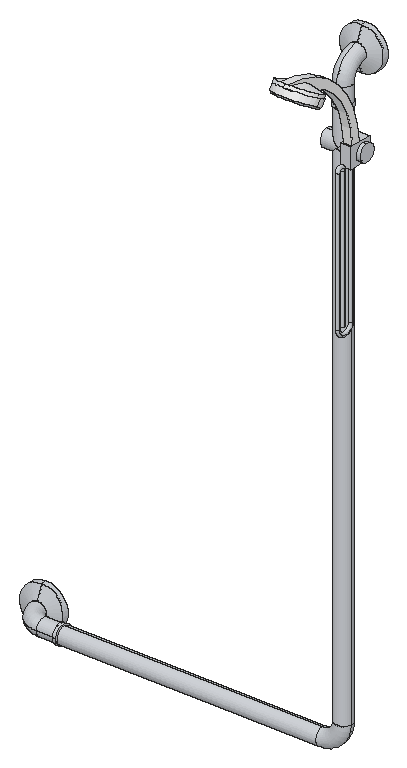
Revit family
Parameters
  Weight Limit = 0
  Warranty Duration (Years) = 0
  Unit Weight = 9.52
  Unit Length = 2' - 0"
  Unit Height = 3' - 10"
  URL = "http://www.pontegiulio.com"
  Trim Radius = 0' - 1 5/8"
  Specification = "http://www.arcat.com/sd/clients/pontegiu.html?coid=43483"
  Send Message = "http://www.arcat.com/users.pl?action=UserEmail&company=Ponte%20Giulio&coid=43483&rep=132&fax=877-766-8306&mf="
  Sales Information = "http://www.pontegiulio.it/us/info.php"
  Revision = "R1_01-2010"
  Return Radius = 0' - 1 9/16"
  Product Properties = "http://www.pgdb.it/schede/us/G16JBxxx20_us.pdf"
  Product Data = "http://www.arcat.com/arcatcos/cos43/arc43483.html"
  Offset Support_Vertical = 3' - 3 1/4"
  Model = "Grab Bar as Specified in 10 28 13"
  Manufacturer's Notes = ""
  Manufacturer Website = "http://www.pontegiulio.com"
  Manufacturer Phone - Toll Free = "877-766-8301 "
  Manufacturer Fax = "877-766-8306"
  Manufacturer Address = "W241 S4021 Rockwood Circle, Waukesha, WI 53189"
  Manufacturer = "Ponte Giulio"
  Maintenance Schedule (Months) = 0
  Keynote = "10 28 13"
  Installation-Fabrication = ""
  Installation Phase = ""
  Green Building-LEED = "http://www.arcat.com/green/clients/leed_data_43483.html"
  Expected Lifespan (Years) = 0
  Drawn By = "Robert S. Weygant, CSI, CDT, SCIP"
  Diameter = 0' - 1 1/4"
  Description = "Grab Bar as Specified in 10 28 13"
  Default Elevation = 4' - 0"
  Copyright = "2010 ARCAT, Inc"
  Construction Details = ""
  Clear Space From Wall = 0' - 1 1/2"
  Building Codes = ""
  Bath Fixture Material [instance] = none
  Bath Fixture Accent [instance] = none
  Assembly Code = "C1030200"
  AK_Include Optional Component - Y91JOSN108 Shower Head [instance] = yes
  AK_Include Optional Component - Y91JOSN107 Flex Hose [instance] = yes
  AK_Include Optional Component - Y87JOSxx01 Hand Shower Holder [instance] = yes
  AK_Hand Shower Holder Finish [instance] = none
  AK_Flex Hose Finish [instance] = none
  AK_Code Compliance = "ADA"
Reference planes (in)
  plane 1 "Center (Front/Back)": y = 0
  plane 2: z = 0
  plane 3 "Center (Left/Right)": x = 0
  plane 4 "CL 2": z = 11.29418
  plane 5 "Vertical Spacing": z = 57.29418
  plane 6 "Horizontal Spacing": x = -24
  plane 7: y = -1.5
  plane 8: y = -2.125
  plane 9: z = 52.29418
  plane 10: z = 51.04418
Forms (in)
  Revolve 1, solid, material <- "Bath Fixture Material"
    sketch origin (-24, 0, 11.29418) x (0, 0, 1) y (0, 1, 0)
      loop
        line (0, 0) -> (0, -0.8125) -> (0.625, -0.8125) -> (1.625, -0.40625) -> (1.625, 0) -> (0, 0)
      axis (0, -0.8125) -> (0, 0)
    angle from 0 to 360
  Revolve 2, solid, material <- "Bath Fixture Material"
    sketch origin (0, 0, 35.29418) x (0, 0, 1) y (0, 1, 0)
      loop
        line (22, 0) -> (22, -0.8125) -> (22.625, -0.8125) -> (23.625, -0.40625) -> (23.625, 0) -> (22, 0)
      axis (22, -0.8125) -> (22, 0)
    angle from 0 to 360
  Sweep 3, solid, material <- "Bath Fixture Accent"
    path in 3D
      loop
        line (-21.25, -2.125, 11.29418) -> (-1.5625, -2.125, 11.29418)
        arc (-1.5625, -2.125, 11.29418) -> (-0.45765, -2.125, 11.75183) -> (0, -2.125, 12.85668) r 1.5625
        line (0, -2.125, 12.85668) -> (0, -2.125, 54.57543)
    profile origin (-0.45765, -2.125, 11.75183) x (0.707107, 0, -0.707107) y (0, 1, 0)
      loop
        circle (0, 0) r 0.625
  Revolve 4, solid, material <- "Bath Fixture Material", not visible
    sketch origin (0, 0, 17.98168) x (0, 0, 1) y (0, 1, 0)
      loop
        line (-0.8125, 0) -> (-0.8125, -0.8125) -> (-0.1875, -0.8125) -> (0.8125, -0.40625) -> (0.8125, 0) -> (-0.8125, 0)
      axis (-0.8125, -0.8125) -> (-0.8125, 0)
    angle from 0 to 360
  Extrusion 5, solid, material <- "Bath Fixture Material", not visible
    sketch origin (0, 0, 0) x (1, 0, 0) y (0, 0, 1)
      loop
        circle (0, 17.16918) r 0.625
    from 0 to 2.125
  Sweep 6, solid, material <- "Bath Fixture Material"
    path in 3D
      loop
        line (-21.25, -2.125, 11.29418) -> (-22.5, -2.125, 11.29418)
        arc (-22.5, -2.125, 11.29418) -> (-23.56066, -1.68566, 11.29418) -> (-24, -0.625, 11.29418) r 1.5
        line (-24, -0.625, 11.29418) -> (-24, 0, 11.29418)
    profile origin (-24, -0.3125, 11.29418) x (-1, 0, 0) y (0, 0, 1)
      loop
        circle (0, 0) r 0.625
  Sweep 7, solid, material <- "Bath Fixture Material"
    path in 3D
      loop
        line (0, 0, 57.29418) -> (0, -0.65625, 57.29418)
        arc (0, -0.65625, 57.29418) -> (0, -1.69481, 56.864) -> (0, -2.125, 55.82543) r 1.46875
        line (0, -2.125, 55.82543) -> (0, -2.125, 54.57543)
    profile origin (0, -0.32812, 57.29418) x (0, 0, -1) y (1, 0, 0)
      loop
        circle (0, 0) r 0.625
  Extrusion 8, solid, material <- "Bath Fixture Material"
    sketch origin (0, 0, 54.32543) x (0, -1, 0) y (1, 0, 0)
      loop
        circle (2.125, 0) r 0.6875
    from 0 to 0.25
  Extrusion 9, solid, material <- "Bath Fixture Material"
    sketch origin (-21.25, 0, 0) x (0, 1, 0) y (0, 0, 1)
      loop
        circle (-2.125, 11.29418) r 0.6875
    from 0 to 0.25
Lines and regions (in)
  model lines
    curve 1: arc (0, -0.65625, 57.29418) -> (0, -1.69481, 56.864) -> (0, -2.125, 55.82543) r 1.46875
    curve 2: line (0, 0, 57.29418) -> (0, -0.65625, 57.29418)
    curve 3: line (0, -2.125, 54.57543) -> (0, -2.125, 12.85668)
    curve 4: line (-1.5625, -2.125, 11.29418) -> (-21.25, -2.125, 11.29418)
    curve 5: arc (-1.5625, -2.125, 11.29418) -> (-0.45765, -2.125, 11.75183) -> (0, -2.125, 12.85668) r 1.5625
    curve 6: line (-24, -0.625, 11.29418) -> (-24, 0, 11.29418)
    curve 7: arc (-24, -0.625, 11.29418) -> (-23.56066, -1.68566, 11.29418) -> (-22.5, -2.125, 11.29418) r 1.5
    curve 9: line (0, -2.125, 55.82543) -> (0, -2.125, 54.57543)
    curve 10: line (-22.5, -2.125, 11.29418) -> (-21.25, -2.125, 11.29418)
  sketch lines
    curve 8: arc (-1.5625, -2.125, 11.29418) -> (-0.45765, -2.125, 11.75183) -> (0, -2.125, 12.85668) r 1.5625
    curve 11: line (0, -2.125, 54.57543) -> (0, -2.125, 12.85668)
    curve 12: line (-1.5625, -2.125, 11.29418) -> (-21.25, -2.125, 11.29418)
    curve 13: line (-24, -0.625, 11.29418) -> (-24, 0, 11.29418)
    curve 14: arc (-24, -0.625, 11.29418) -> (-23.56066, -1.68566, 11.29418) -> (-22.5, -2.125, 11.29418) r 1.5
    curve 15: line (-22.5, -2.125, 11.29418) -> (-21.25, -2.125, 11.29418)
    curve 16: line (0, 0, 57.29418) -> (0, -0.65625, 57.29418)
    curve 17: arc (0, -0.65625, 57.29418) -> (0, -1.69481, 56.864) -> (0, -2.125, 55.82543) r 1.46875
    curve 18: line (0, -2.125, 55.82543) -> (0, -2.125, 54.57543)
Dimensions and locks (in)
  Revolve 1 sketch curve to Revolve 1 sketch curve = 0' - 0 13/16"
  "Unit Length": plane 3 "Center (Left/Right)" to plane 6 "Horizontal Spacing"
  "Unit Height": plane 5 "Vertical Spacing" to plane 4 "CL 2"
  Revolve 2 sketch curve to Revolve 2 sketch curve = 0' - 0 13/16"
  locked: plane 9 to plane 10 at 1.25
  locked: Revolve 4 sketch curve to Revolve 4 sketch curve at 0.8125
  locked: plane 7 to plane 8 at 0.625
  "Clear Space From Wall": plane 1 "Center (Front/Back)" to plane 7
  locked: plane 5 "Vertical Spacing" to plane 9 at 5
  aligned and locked: plane 1 "Center (Front/Back)" to Revolve 1 sketch curve
  aligned and locked: Revolve 1 sketch curve to Revolve 1 sketch curve
  aligned and locked: Revolve 1 sketch curve to plane 4 "CL 2"
  aligned and locked: plane 6 "Horizontal Spacing" to Revolve 1
  aligned and locked: Revolve 2 sketch curve to Revolve 2 sketch curve
  aligned and locked: plane 1 "Center (Front/Back)" to Revolve 2 sketch curve
  aligned and locked: plane 5 "Vertical Spacing" to Revolve 2 sketch curve
  aligned and locked: profile plane to Sweep 3 sketch curve
  aligned and locked: Revolve 4 sketch curve to Revolve 4 sketch curve
  aligned and locked: plane 1 "Center (Front/Back)" to Revolve 4 sketch curve
  aligned and locked: Extrusion 5 to plane 8
  aligned and locked: plane 9 to nested 1
  aligned and locked: Extrusion 8 to curve 3
  aligned and locked: Extrusion 8 to Sweep 3
  aligned and locked: Extrusion 9 to curve 4
  aligned and locked: Extrusion 9 to Sweep 3
Automatic sketch dimensions
  curve 7 to plane 8 = 0' - 0"
  curve 7 to plane 6 "Horizontal Spacing" = 0' - 0"
  curve 6 to plane 1 "Center (Front/Back)" = 0' - 0"
  curve 7 to plane 6 "Horizontal Spacing" = 0' - 1 1/2"
  Sweep 3 sketch curve to Sweep 3 sketch curve = 0' - 0"
  Sweep 3 sketch curve to profile plane = 0' - 0"
  profile plane to Sweep 3 sketch curve = 0' - 0 5/8"
  Extrusion 5 sketch curve to plane 3 "Center (Left/Right)" = 0' - 0"
  plane 1 "Center (Front/Back)" to Revolve 4 sketch curve = 0' - 0 13/32"
  Revolve 4 sketch curve to Revolve 4 sketch curve = 0' - 1"
  Revolve 4 sketch curve to Revolve 4 sketch curve = 2' - 0"
  Revolve 2 sketch curve to plane 5 "Vertical Spacing" = 0' - 0 5/8"
  plane 1 "Center (Front/Back)" to Revolve 2 sketch curve = 0' - 0 13/32"
  Revolve 2 sketch curve to Revolve 2 sketch curve = 0' - 1"
  Revolve 2 sketch curve to Revolve 2 sketch curve = 2' - 0"
  Revolve 1 sketch curve to Revolve 1 sketch curve = 0' - 0 5/8"
  plane 1 "Center (Front/Back)" to Revolve 1 sketch curve = 0' - 0 13/32"
  Revolve 1 sketch curve to Revolve 1 sketch curve = 0' - 1"
  Revolve 1 sketch curve to plane 1 "Center (Front/Back)" = 2' - 0"
  Revolve 1 sketch curve to plane 8 = 8' - 4.50007"
  Revolve 2 sketch curve to plane 8 = 8' - 4.50007"
  Revolve 4 sketch curve to plane 8 = 8' - 4.50007"
  plane 4 "CL 2" to Revolve 4 sketch curve = 0' - 5 7/8"
  Revolve 4 sketch curve to Revolve 4 sketch curve = 0' - 0 5/8"
  plane 4 "CL 2" to Extrusion 5 sketch curve = 0' - 5 7/8"
  curve 10 to curve 7 = 0' - 1 1/4"
  curve 1 to plane 8 = 0' - 0"
  curve 2 to plane 5 "Vertical Spacing" = 0' - 0"
  curve 2 to plane 1 "Center (Front/Back)" = 0' - 0"
  plane 1 "Center (Front/Back)" to curve 2 = 0' - 0 21/32"
  plane 4 "CL 2" to curve 3 = 0' - 1 9/16"
  curve 4 to plane 4 "CL 2" = 0' - 0"
  curve 5 to plane 3 "Center (Left/Right)" = 0' - 0"
  plane 4 "CL 2" to curve 5 = 0' - 1 9/16"
  Sweep 6 sketch curve to profile plane = 0' - 0"  (x2)
  Sweep 7 sketch curve to profile plane = 0' - 0"  (x2)
  Extrusion 8 sketch curve to plane 3 "Center (Left/Right)" = 0' - 0"
  Extrusion 8 sketch curve to plane 8 = 0' - 0"
  Extrusion 9 sketch curve to plane 4 "CL 2" = 0' - 0"
  Extrusion 9 sketch curve to plane 8 = 0' - 0"
  radius of Extrusion 5 sketch curve = 0' - 0 5/8"
  radius of Sweep 6 sketch curve = 0' - 0 5/8"
  radius of Sweep 7 sketch curve = 0' - 0 5/8"
  radius of Extrusion 8 sketch curve = 0' - 0 11/16"
  radius of Extrusion 9 sketch curve = 0' - 0 11/16"
Nested families (in)
  nested 1: "Y91JOS.N1.08" at (-1.21875, -2.20647, 50.91918), AK_Include Optional Component - Y87JOSxx01 Hand Shower Holder <- "AK_Include Optional Component - Y87JOSxx01 Hand Shower Holder", type "Y91JOS.N1.08"
Definition of nested family "Y91JOS.N1.08"
  Parameters
    AK_Include Optional Component - Y91JOSN108 Shower Head = yes
    AK_Include Optional Component - Y91JOSN107 Flex Hose = yes
    AK_Include Optional Component - Y87JOSxx01 Hand Shower Holder [instance] = yes
    AK_Hand Shower Holder Finish = none
    AK_Flex Hose Finish = none
  Reference planes (in)
    plane 1 "Center (Front/Back)": y = 0
    plane 2: z = 0
    plane 3 "Center (Left/Right)": x = 0
    plane 4: z = 1.375
  Forms (in)
    Extrusion 1, solid, material <- "AK_Hand Shower Holder Finish", visible <- "AK_Include Optional Component - Y87JOSxx01 Hand Shower Holder"
      sketch origin (1.25, 2.20531, -59.32175) x (0, 1, 0) y (0, 0, 1)
        loop
          circle (-2.12384, 60.07175) r 0.625
      from -1.25 to 1.75
    Extrusion 2, solid, material <- "AK_Hand Shower Holder Finish", visible <- "AK_Include Optional Component - Y87JOSxx01 Hand Shower Holder"
      sketch origin (1.25103, 2.20531, 0) x (1, 0, 0) y (0, 1, 0)
        loop
          line (0.65625, -3.21875) -> (1.40625, -3.21875) -> (1.40625, -1.46875) -> (0.65625, -1.46875) -> (0.65625, -3.21875)
      from 0 to 1.5
    Extrusion 3, solid, material "Default", visible <- "AK_Include Optional Component - Y91JOSN108 Shower Head"
      sketch origin (-2.875, 49.72076, -25.30967) x (1, 0, 0) y (0, -0.866025, 0.5)
        loop
          circle (5.21142, 64.05902) r 1.5
      from 0 to 0.125
    Extrusion 4, solid, material "Chrome", visible <- "AK_Include Optional Component - Y91JOSN108 Shower Head"
      sketch origin (2, 3.95755, -59.32175) x (0, 1, 0) y (0, 0, 1)
        loop
          arc (-4.21875, 60.82175) -> (-6.11271, 65.47709) -> (-10.71875, 67.48799) r 6.66836
          line (-10.71875, 67.48799) -> (-7.95829, 65.89424) -> (-7.60198, 65.89424)
          arc (-7.60198, 65.89424) -> (-5.5779, 63.7087) -> (-4.84375, 60.82175) r 6.04336
          line (-4.84375, 60.82175) -> (-4.21875, 60.82175)
      from 0 to 0.625
    Extrusion 5, solid, material "Chrome", visible <- "AK_Include Optional Component - Y91JOSN108 Shower Head"
      sketch origin (-2.875, 49.97076, -24.87665) x (1, 0, 0) y (0, -0.866025, 0.5)
        loop
          circle (5.21142, 64.05902) r 1.59375
      from 0 to 0.5
    Revolve 6, solid, material "Chrome", visible <- "AK_Include Optional Component - Y91JOSN108 Shower Head"
      sketch origin (2.3125, 3.83255, -59.53826) x (0, 1, 0) y (0, 0, 1)
        loop
          line (-9.33852, 66.69111) -> (-7.95829, 65.89424) -> (-7.83329, 66.11075) -> (-8.81309, 67.10118) -> (-9.0296, 67.22618) -> (-9.33852, 66.69111)
        axis (-9.33852, 66.69111) -> (-9.0296, 67.22618)
      angle from 0 to 360
    Sweep 7, solid, material <- "AK_Flex Hose Finish", visible <- "AK_Include Optional Component - Y91JOSN107 Flex Hose"
      path origin (2.3125, 2.20531, -59.32175) x (0, 1, 0) y (0, 0, 1)
        loop
          line (-2.77902, 60.82175) -> (-2.77902, 48.82175)
          arc (-2.77902, 48.82175) -> (-3.40402, 48.19675) -> (-4.02902, 48.82175) r 0.625
          line (-4.02902, 48.82175) -> (-4.02902, 59.32175)
          arc (-4.02902, 59.32175) -> (-3.77902, 59.57175) -> (-3.52902, 59.32175) r 0.25
          line (-3.52902, 59.32175) -> (-3.52902, 48.82175)
      profile origin (2.3125, -0.5737, -4.5) x (1, 0, 0) y (0, 1, 0)
        loop
          circle (0, -0.00223) r 0.125
